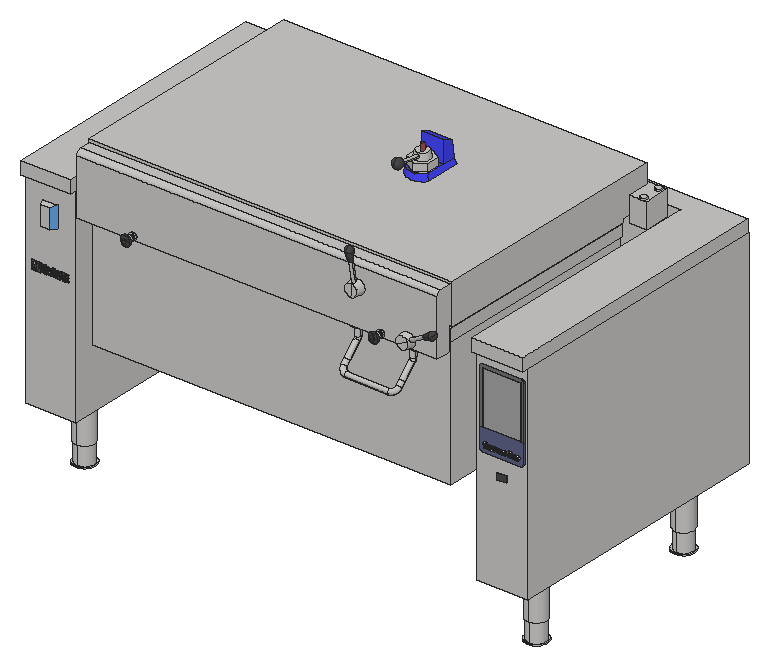
Revit family "QF_ELECTROLUXPROFESSIONAL_587144_PUET10ECIO", category Attrezzature speciali, Revit 2020
Family settings
  Quota connettore circolare = Usa diametro
  Tipo di parte = Normale
  Basato su piano di lavoro = No
  Sempre verticale = Sì
  Taglio con vuoti quando caricato = No
  Condiviso = No
  Punto di calcolo locali = No
Parameters (values of type "Standard")
  Weight = 320.00 kg
  Watts = 20600 W
  Volts = 440 V
  URL Manufacturer = "https://www.electroluxprofessional.com/"
  URL = "https://www.electroluxprofessional.com/"
  Steam Supply Size = 0 mm
  Steam Supply Minimum Pressure = 0.0 Pa
  Steam Supply Maximum Pressure = 0.0 Pa
  Steam Consumption per Hour = 0
  Refrigeration Suction Line Size = 0.0 mm
  Refrigeration Liquid Line Size = 0.0 mm
  Refrigerant Compressor Remote = yes
  Prospetto di default = 0.0 mm
  Produttore = "Electrolux Professional"
  Phase = 3
  Modello = "PUET10ECIO"
  Length Actual = 1600.0 mm  # constant formula
  Item Number = "587144"
  Hot Water Size = 12.7 mm
  Height Actual = 700.0 mm  # constant formula
  HP = "27.6 HP"
  Gas Size = 0 mm
  Gas KW = 0
  Gas Input Pressure = 0 W
  Direct Waste Size = 0 mm
  Descrizione = "ELECTRIC TILTING PRESSURE BRAISING PAN, 100L,440V,FS,MARINE"
  Depth Actual = 900.0 mm  # constant formula
  Cycle = 50 Hz
  Condensate Return Size = 0 mm
  Compressed Air Volume = 0.0 L/s
  Compressed Air Size = 0 mm
  Compressed Air Pressure = 0.0 Pa
  Cold Water Size = 12.7 mm
  Accessory = yes
Reference planes
  plane 1 "Center (Front/Back)": y = 0
  plane 2: z = 0
  plane 3 "Center (Left/Right)": x = 0
  plane 4 "LEFT": x = -800
  plane 5 "RIGHT": x = 800
  plane 6 "BACK": y = 450
  plane 7 "FRONT": y = -450
  plane 8 "Base": z = 200
  plane 9 "TOP": z = 900
  plane 10: x = -640
  plane 11: x = 640
  plane 12 "Axe_PentolaY": y = -230
  plane 13 "AxePentolaZ": z = 730
  plane 14 "PLANE_TOP": z = 860
  plane 15: y = 380
  plane 16: z = 863
  plane 17: z = 455
  plane 18: z = 299
  plane 19: y = -470
  plane 20 "CentroPentolaY": y = -158
  plane 21 "TopCoperchio": z = 1128
  plane 22 "Versamento": z = 910
  plane 23 "Gfront": y = -1300
  plane 24 "GRight": x = 250
  plane 25 "GLeft": x = -250
  plane 26 "Gback": y = -100
  plane 27: z = 1789
  plane 28 "Ribaltamento": y = -540
  plane 29 "AxeL": x = -720
  plane 30 "AxeR": x = 720
  plane 31 "Pentola_Back": y = 226
  plane 32 "Pentola_L": x = -370.5
  plane 33 "Pentola_R": x = 370.5
  plane 34: x = -310.5
  plane 35 "axeC1": x = -580
  plane 36 "axeC2": x = 580
  plane 37: z = 395
  plane 38 "CylTop": x = 175
  plane 39 "Maniglione": z = 840
  plane 40 "B1": x = -395
  plane 41 "B2": x = 395
  plane 42 "2Buttons": z = 851.594
Forms (mm)
  Revolve 1, solid, material "QF_Finishes_Stainless Steel"
    sketch origin (0, 0, 730) x (-1, 0, 0) y (0, -1, 0)
      loop
        line (640, 230) -> (-640, 230) -> (-640, 140) -> (-630, 140) -> (-630, 173) -> (630, 173) -> (630, 140) -> (640, 140) -> (640, 230)
      axis (640, 230) -> (-640, 230)
    angle from 0 to 360
  Extrusion 2, solid, material "QF_Finishes_Stainless Steel"
    sketch origin (0, 0, 860) x (-1, 0, 0) y (0, -1, 0)
      loop
        line (800, 450) -> (640, 450) -> (640, -380) -> (-640, -380) -> (-640, 450) -> (-800, 450) -> (-800, -450) -> (800, -450) -> (800, 450)
    from 0 to 40
  Extrusion 3, solid, material "QF_Finishes_Stainless Steel"
    sketch origin (0, 0, 860) x (-1, 0, 0) y (0, -1, 0)
      loop
        line (640, -380) -> (-640, -380) -> (-640, -450) -> (640, -450) -> (640, -380)
    from 0 to -360
  Extrusion 4, solid, material "QF_Finishes_Stainless Steel"
    sketch origin (0, 0, 0) x (0, 1, 0) y (0, 0, 1)
      loop
        line (226, 863) -> (-450, 863) -> (-450, 455) -> (138, 455) -> (226, 643.717) -> (226, 863)
    from -570.5 to 570.5
  Extrusion 5, solid, material "QF_Finishes_Stainless Steel"
    sketch origin (0, 0, 0) x (0, 1, 0) y (0, 0, 1)
      loop
        line (232, 863) -> (232, 900) -> (-450, 900) -> (-450, 863) -> (232, 863)
    from -571 to 571
  Extrusion 6, solid, material "QF_Finishes_Stainless Steel"
    sketch origin (0, 0, 0) x (0, 1, 0) y (0, 0, 1)
      loop
        line (322, 1040) -> (-454, 1040) -> (-454, 910) -> (226, 910) -> (226, 920) -> (322, 920) -> (322, 1040)
    from -579 to 579
  Extrusion 7, solid, material "QF_Finishes_Stainless Steel"
    sketch origin (0, 0, 0) x (0, 1, 0) y (0, 0, 1)
      loop
        line (-454, 1033) -> (-491.635, 1033)
        arc (-491.635, 1033) -> (-502.242, 1028.607) -> (-506.635, 1018) r 15
        line (-506.635, 1018) -> (-506.635, 840) -> (-469, 840)
        arc (-469, 840) -> (-461.929, 842.929) -> (-459, 850) r 10
        line (-459, 850) -> (-459, 915) -> (-454, 915) -> (-454, 1033)
    from -574 to 574
  Extrusion 8, solid, material "QF_Finishes_Stainless Steel"
    sketch origin (0, 0, 0) x (0, 1, 0) y (0, 0, 1)
      loop
        line (380, 900) -> (205, 900) -> (205, 500) -> (380, 500) -> (380, 900)
    from -440 to -380
  Extrusion 9, solid, material "QF_Finishes_Stainless Steel"
    sketch origin (0, -450, 0) x (-1, 0, 0) y (0, 0, 1)
      loop
        line (637.337, 980) -> (579, 980) -> (579, 925) -> (582.237, 925) -> (582.237, 900) -> (637.337, 900) -> (637.337, 980)
    from 700 to 780
  Extrusion 10, solid, material "QF_Finishes_Stainless Steel"
    sketch origin (0, 0, 0) x (0, 1, 0) y (0, 0, -1)
      loop
        line (380, -900) -> (380, -500) -> (205, -500) -> (205, -900) -> (380, -900)
    from -440 to -380
  Extrusion 11, solid, material "QF_Finishes_Stainless Steel"
    sketch origin (0, -450, 0) x (1, 0, 0) y (0, 0, -1)
      loop
        line (635, -980) -> (635, -900) -> (582.237, -900) -> (582.237, -925) -> (579, -925) -> (579, -980) -> (635, -980)
    from 700 to 780
  Extrusion 12, solid, material "QF_Door-Drawer Clearances", detail levels coarse
    sketch origin (0, 53.912, -5.039) x (0, 1, 0) y (0, 0, 1)
      loop
        line (285.597, 942.365) -> (326.088, 958.724) -> (61.023, 1686.986) -> (56.324, 1685.276) -> (39.223, 1732.26) -> (-10.336, 1714.222) -> (-16.625, 1723.204) -> (44.811, 1766.222) -> (47.679, 1762.126) -> (68.307, 1773.56) -> (53.967, 1794.039) -> (36.168, 1778.566) -> (39.036, 1774.47) -> (-22.401, 1731.452) -> (-26.038, 1736.646) -> (-53.912, 1726.501) -> (-53.912, 1698.362) -> (-144.017, 1665.566)
        arc (-144.017, 1665.566) -> (-428.228, 1400.497) -> (-556.518, 1033.645) r 811.154
        arc (-556.518, 1033.645) -> (-551.652, 1036.897) -> (-545.912, 1038.039) r 15
        line (-545.912, 1038.039) -> (-507.912, 1038.039) -> (-507.912, 1045.039) -> (268.088, 1045.039) -> (268.088, 987.365) -> (285.597, 987.365) -> (285.597, 942.365)
      loop
        line (-503.912, 515.039) -> (-503.912, 845.039) -> (-576.071, 845.039)
        arc (-576.071, 845.039) -> (-586.466, 669.876) -> (-503.912, 515.039) r 323.607
    from 105 to -105
  Extrusion 13, solid, material "QF_Finishes_Stainless Steel"
    sketch origin (0, 0, 900) x (0, 1, 0) y (-1, 0, 0)
      loop
        circle (320, 618.441) r 10
      loop
        circle (260, 618.441) r 10
      loop
        circle (320, -618.441) r 10
      loop
        circle (260, -618.441) r 10
    from 82.326 to 80
  Revolve 14, solid, material "QF_Plastic-Black-Matte"
    sketch origin (0, 0, 851.594) x (-1, 0, 0) y (0, -1, 0)
      loop
        line (403.234, 529.683) -> (410.348, 533.79)
        arc (410.348, 533.79) -> (411.528, 535.834) -> (410.348, 537.878) r 2.36
        line (410.348, 537.878) -> (403.234, 540) -> (395, 540) -> (395, 529.683) -> (403.234, 529.683)
      axis (395, 529.683) -> (395, 540)
    angle from 0 to 360
  Revolve 15, solid, material "QF_Finishes_Stainless Steel"
    sketch origin (0, 0, 851.594) x (-1, 0, 0) y (0, -1, 0)
      loop
        line (395, 506.635) -> (405.299, 506.635) -> (405.299, 511.677) -> (400.299, 511.677) -> (400.299, 519.683) -> (403.234, 519.683) -> (403.234, 529.683) -> (395, 529.683) -> (395, 506.635)
      axis (395, 506.635) -> (395, 529.683)
    angle from 0 to 360
  Revolve 16, solid, material "QF_Plastic-Black-Matte"
    sketch origin (790, 0, 851.594) x (-1, 0, 0) y (0, -1, 0)
      loop
        line (403.234, 529.683) -> (410.348, 533.79)
        arc (410.348, 533.79) -> (411.528, 535.834) -> (410.348, 537.878) r 2.36
        line (410.348, 537.878) -> (403.234, 540) -> (395, 540) -> (395, 529.683) -> (403.234, 529.683)
      axis (395, 529.683) -> (395, 540)
    angle from 0 to 360
  Revolve 17, solid, material "QF_Finishes_Stainless Steel"
    sketch origin (790, 0, 851.594) x (-1, 0, 0) y (0, -1, 0)
      loop
        line (395, 506.635) -> (405.299, 506.635) -> (405.299, 511.677) -> (400.299, 511.677) -> (400.299, 519.683) -> (403.234, 519.683) -> (403.234, 529.683) -> (395, 529.683) -> (395, 506.635)
      axis (395, 506.635) -> (395, 529.683)
    angle from 0 to 360
Lines and regions (mm)
  symbolic lines
    curve 1: line (800, 450, 900) -> (-800, 450, 900)
    curve 2: line (800, -450, 900) -> (800, 450, 900)
    curve 3: line (-800, 450, 900) -> (-800, -450, 900)
    curve 4: line (-800, -450, 900) -> (-640, -450, 900)
    curve 5: line (-640, -450, 900) -> (-640, 380, 900)
    curve 6: line (640, -450, 900) -> (800, -450, 900)
    curve 7: line (630, -140, 900) -> (630, -320, 900)
    curve 8: line (-630, -140, 900) -> (-630, -320, 900)
    curve 9: line (-630, -140, 900) -> (-640, -140, 900)
    curve 10: line (-630, -320, 900) -> (-640, -320, 900)
    curve 11: line (630, -140, 900) -> (640, -140, 900)
    curve 12: line (630, -320, 900) -> (640, -320, 900)
    curve 17: line (-630, -172.761, 900) -> (-579, -172.761, 900)
    curve 18: line (-630, -286.868, 900) -> (-576.5, -286.868, 900)
    curve 19: line (630, -172.761, 900) -> (576.5, -172.761, 900)
    curve 20: line (630, -286.868, 900) -> (576.5, -286.868, 900)
    curve 30: line (800, 380, 900) -> (-800, 380, 900)
    curve 31: line (640, 380, 900) -> (640, -450, 900)
    curve 32: line (-579, -454, 900) -> (579, -454, 900)
    curve 33: line (-579, 322, 900) -> (-579, -454, 900)
    curve 34: line (579, 322, 900) -> (-579, 322, 900)
    curve 35: line (579, -454, 900) -> (579, 322, 900)
    curve 36: line (-579, 322, 900) -> (-579, 330, 900)
    curve 37: line (-579, 330, 900) -> (-637.337, 330, 900)
    curve 38: line (-637.337, 330, 900) -> (-637.337, 250, 900)
    curve 39: line (-637.337, 250, 900) -> (-579, 250, 900)
    curve 40: line (-640, 205, 900) -> (-579, 205, 900)
    curve 41: circle (-618.441, 320, 900) r 10 normal (0, 0, 1)
    curve 42: circle (-618.441, 260, 900) r 10 normal (0, 0, 1)
    curve 43: line (579, 322, 900) -> (579, 330, 900)
    curve 44: line (579, 330, 900) -> (635, 330, 900)
    curve 45: line (635, 330, 900) -> (635, 250, 900)
    curve 46: line (635, 250, 900) -> (579, 250, 900)
    curve 47: line (640, 205, 900) -> (579, 205, 900)
    curve 48: circle (618.441, 320, 900) r 10 normal (0, 0, 1)
    curve 49: circle (618.441, 260, 900) r 10 normal (0, 0, 1)
    curve 50: line (-405.299, -506.635, 900) -> (-405.299, -511.677, 900)
    curve 51: line (-405.299, -511.677, 900) -> (-384.701, -511.677, 900)
    curve 52: line (-384.701, -511.677, 900) -> (-384.701, -506.635, 900)
    curve 53: line (-400.299, -519.683, 900) -> (-400.299, -511.677, 900)
    curve 54: line (-389.701, -519.683, 900) -> (-389.701, -511.677, 900)
    curve 55: line (-403.234, -519.683, 900) -> (-386.766, -519.683, 900)
    curve 56: line (-386.766, -519.683, 900) -> (-386.766, -529.683, 900)
    curve 57: line (-386.766, -529.683, 900) -> (-403.234, -529.683, 900)
    curve 58: line (-403.234, -529.683, 900) -> (-403.234, -519.683, 900)
    curve 59: line (-386.766, -529.683, 900) -> (-379.646, -533.794, 900)
    curve 60: line (-403.234, -540, 900) -> (-386.766, -540, 900)
    curve 61: line (-386.766, -540, 900) -> (-379.652, -537.878, 900)
    curve 62: line (-403.234, -540, 900) -> (-410.348, -537.878, 900)
    curve 63: arc (-379.652, -537.878, 900) -> (-378.468, -535.838, 900) -> (-379.646, -533.794, 900) r 2.356
    curve 64: line (-403.234, -529.683, 900) -> (-410.354, -533.794, 900)
    curve 65: arc (-410.348, -537.878, 900) -> (-411.532, -535.838, 900) -> (-410.354, -533.794, 900) r 2.356
    curve 66: line (384.701, -506.635, 900) -> (384.701, -511.677, 900)
    curve 67: line (384.701, -511.677, 900) -> (405.299, -511.677, 900)
    curve 68: line (405.299, -511.677, 900) -> (405.299, -506.635, 900)
    curve 69: line (389.701, -519.683, 900) -> (389.701, -511.677, 900)
    curve 70: line (400.299, -519.683, 900) -> (400.299, -511.677, 900)
    curve 71: line (386.766, -519.683, 900) -> (403.234, -519.683, 900)
    curve 72: line (403.234, -519.683, 900) -> (403.234, -529.683, 900)
    curve 73: line (403.234, -529.683, 900) -> (386.766, -529.683, 900)
    curve 74: line (386.766, -529.683, 900) -> (386.766, -519.683, 900)
    curve 75: line (403.234, -529.683, 900) -> (410.354, -533.794, 900)
    curve 76: line (386.766, -540, 900) -> (403.234, -540, 900)
    curve 77: line (403.234, -540, 900) -> (410.348, -537.878, 900)
    curve 78: line (386.766, -540, 900) -> (379.652, -537.878, 900)
    curve 79: arc (410.348, -537.878, 900) -> (411.532, -535.838, 900) -> (410.354, -533.794, 900) r 2.356
    curve 80: line (386.766, -529.683, 900) -> (379.646, -533.794, 900)
    curve 81: arc (379.652, -537.878, 900) -> (378.468, -535.838, 900) -> (379.646, -533.794, 900) r 2.356
    curve 83: line (-579, -454, 900) -> (-579, -506.635, 900)
    curve 84: line (-579, -506.635, 900) -> (574, -506.635, 900)
    curve 85: line (574, -506.635, 900) -> (574, -454, 900)
  symbolic lines, style "SpecialityEquipmentHiddenLines"
    curve 13: line (-250, -1300, 900) -> (250, -1300, 900)
    curve 14: line (-250, -100, 900) -> (-250, -1300, 900)
    curve 15: line (250, -1300, 900) -> (250, -100, 900)
    curve 28: line (0, -1165.484, 900) -> (0, -1135.484, 900)
    curve 29: line (-15, -1150.484, 900) -> (15, -1150.484, 900)
    curve 82: line (-250, -100, 900) -> (250, -100, 900)
  symbolic lines, style "SpecialityEquipment"
    curve 16: circle (0, -1150.484, 900) r 15 normal (0, 0, 1)
    curve 21: line (-210, -1300, 900) -> (-210, -1100, 900)
    curve 22: line (-130, -1300, 900) -> (-130, -1180, 900)
    curve 23: line (-90, -1300, 900) -> (-90, -1220, 900)
    curve 24: line (-90, -1260, 900) -> (-250, -1260, 900)
    curve 25: line (-90, -1220, 900) -> (-250, -1220, 900)
    curve 26: line (-250, -1180, 900) -> (-130, -1180, 900)
    curve 27: line (-170, -1140, 900) -> (-250, -1140, 900)
    curve 86: line (-170, -1300, 900) -> (-170, -1140, 900)
    curve 87: line (-210, -1100, 900) -> (-250, -1100, 900)
    curve 88: line (210, -1300, 900) -> (210, -1100, 900)
    curve 89: line (130, -1300, 900) -> (130, -1180, 900)
    curve 90: line (90, -1300, 900) -> (90, -1220, 900)
    curve 91: line (90, -1260, 900) -> (250, -1260, 900)
    curve 92: line (90, -1220, 900) -> (250, -1220, 900)
    curve 93: line (250, -1180, 900) -> (130, -1180, 900)
    curve 94: line (170, -1140, 900) -> (250, -1140, 900)
    curve 95: line (170, -1300, 900) -> (170, -1140, 900)
    curve 96: line (210, -1100, 900) -> (250, -1100, 900)
Dimensions and locks
  plane 4 "LEFT" to plane 5 "RIGHT" = 1600.0 mm
  equal spacing: plane 4 "LEFT", plane 3 "Center (Left/Right)", plane 5 "RIGHT"
  equal spacing: plane 6 "BACK", plane 1 "Center (Front/Back)", plane 7 "FRONT"
  plane 6 "BACK" to plane 7 "FRONT" = 900.0 mm
  plane 8 "Base" to level = 200.0 mm
  plane 9 "TOP" to level = 900.0 mm
  plane 9 "TOP" to plane 8 "Base" = 700.0 mm
  locked: plane 4 "LEFT" to plane 10 at 160
  locked: plane 11 to plane 5 "RIGHT" at 160
  locked: plane 6 "BACK" to plane 12 "Axe_PentolaY" at 680
  locked: plane 13 "AxePentolaZ" to plane 8 "Base" at 530
  locked: Revolve 1 sketch curve to Revolve 1 sketch curve at 57
  locked: Revolve 1 sketch curve to Revolve 1 sketch curve at 90
  locked: plane 10 to Revolve 1 sketch curve at 10
  locked: Revolve 1 sketch curve to plane 11 at 10
  locked: plane 9 "TOP" to plane 14 "PLANE_TOP" at 40
  plane 6 "BACK" to plane 15 = 70.0 mm
  locked: plane 16 to plane 13 "AxePentolaZ" at 133
  plane 6 "BACK" to plane 19 = 920.0 mm
  locked: plane 6 "BACK" to plane 20 "CentroPentolaY" at 608
  locked: plane 21 "TopCoperchio" to plane 9 "TOP" at 228
  locked: plane 22 "Versamento" to level at 910
  plane 6 "BACK" to plane 23 "Gfront" = 1750.0 mm
  locked: plane 25 "GLeft" to plane 3 "Center (Left/Right)" at 250
  locked: plane 3 "Center (Left/Right)" to plane 24 "GRight" at 250
  plane 6 "BACK" to plane 26 "Gback" = 550.0 mm
  plane 27 to plane 9 "TOP" = 889.0 mm
  plane 6 "BACK" to plane 28 "Ribaltamento" = 990.0 mm
  equal spacing: plane 10, plane 29 "AxeL", plane 4 "LEFT"
  equal spacing: plane 5 "RIGHT", plane 30 "AxeR", plane 11
  locked: plane 33 "Pentola_R" to plane 32 "Pentola_L" at 741
  equal spacing: plane 33 "Pentola_R", plane 3 "Center (Left/Right)", plane 32 "Pentola_L"
  locked: Extrusion 5 sketch curve to plane 31 "Pentola_Back" at 6
  plane 31 "Pentola_Back" to plane 12 "Axe_PentolaY" = 456.0 mm
  locked: plane 34 to plane 32 "Pentola_L" at 60
  plane 4 "LEFT" to plane 35 "axeC1" = 220.0 mm
  plane 36 "axeC2" to plane 5 "RIGHT" = 220.0 mm
  plane 32 "Pentola_L" to Extrusion 6 = 208.5 mm
  Extrusion 6 to plane 33 "Pentola_R" = 208.5 mm
  locked: plane 13 "AxePentolaZ" to plane 17 at 275
  plane 18 to level = 299.0 mm
  plane 17 to level = 455.0 mm
  plane 37 to level = 395.0 mm
  plane 3 "Center (Left/Right)" to plane 40 "B1" = 395.0 mm
  plane 41 "B2" to plane 3 "Center (Left/Right)" = 395.0 mm
  aligned and locked: level to plane 2
  aligned and locked: plane 5 "RIGHT" to nested 2
  aligned and locked: plane 4 "LEFT" to nested 1
  aligned and locked: plane 8 "Base" to nested 1
  aligned and locked: plane 6 "BACK" to nested 2
  aligned and locked: plane 10 to Revolve 1 sketch curve
  aligned and locked: plane 11 to Revolve 1 sketch curve
  aligned and locked: plane 4 "LEFT" to Extrusion 2 sketch curve
  aligned and locked: Extrusion 2 sketch curve to plane 10
  aligned and locked: plane 7 "FRONT" to Extrusion 2 sketch curve  (x2)
  aligned and locked: Extrusion 2 sketch curve to plane 5 "RIGHT"
  aligned and locked: plane 11 to Extrusion 2 sketch curve
  aligned and locked: Extrusion 2 sketch curve to plane 6 "BACK"
  aligned and locked: plane 15 to Extrusion 2 sketch curve
  aligned and locked: Extrusion 3 sketch curve to plane 10
  aligned and locked: plane 6 "BACK" to Extrusion 3 sketch curve
  aligned and locked: plane 11 to Extrusion 3 sketch curve
  aligned and locked: Extrusion 3 sketch curve to plane 15
  aligned and locked: curve 13 to plane 23 "Gfront"
  aligned and locked: curve 14 to plane 25 "GLeft"
  aligned and locked: plane 24 "GRight" to curve 15
  aligned and locked: plane 30 "AxeR" to nested 3
  aligned and locked: plane 17 to Extrusion 4 sketch curve
  aligned and locked: Extrusion 5 sketch curve to plane 16
  aligned and locked: plane 9 "TOP" to Extrusion 5 sketch curve
  aligned and locked: plane 29 "AxeL" to nested 5
Automatic sketch dimensions
  plane 12 "Axe_PentolaY" to Revolve 1 sketch curve = 0.0 mm
  Revolve 1 sketch curve to plane 12 "Axe_PentolaY" = 0.0 mm
  plane 20 "CentroPentolaY" to Revolve 1 sketch curve = 18.0 mm
  plane 5 "RIGHT" to Revolve 1 sketch curve = 432.098 mm
  Revolve 1 sketch curve to plane 4 "LEFT" = 580.148 mm
  Extrusion 4 sketch curve to plane 7 "FRONT" = 0.0 mm
  Extrusion 4 sketch curve to plane 31 "Pentola_Back" = 0.0 mm
  Extrusion 4 sketch curve to plane 16 = 0.0 mm
  Extrusion 4 sketch curve to plane 31 "Pentola_Back" = 88.0 mm
  Extrusion 4 sketch curve to plane 13 "AxePentolaZ" = 86.283 mm
  Extrusion 5 sketch curve to plane 7 "FRONT" = 0.0 mm
  Extrusion 6 sketch curve to plane 22 "Versamento" = 0.0 mm
  Extrusion 6 sketch curve to plane 31 "Pentola_Back" = 0.0 mm
  Extrusion 6 sketch curve to plane 7 "FRONT" = 4.0 mm
  Extrusion 6 sketch curve to plane 15 = 58.0 mm
  plane 22 "Versamento" to Extrusion 6 sketch curve = 10.0 mm
  Extrusion 6 sketch curve to plane 21 "TopCoperchio" = 88.0 mm
  Extrusion 7 sketch curve to plane 39 "Maniglione" = 0.0 mm
  plane 28 "Ribaltamento" to Extrusion 7 sketch curve = 33.365 mm
  Extrusion 7 sketch curve to Extrusion 7 sketch curve = 15.0 mm
  plane 19 to Extrusion 7 sketch curve = 1.0 mm
  Extrusion 7 sketch curve to plane 7 "FRONT" = 9.0 mm
  Extrusion 7 sketch curve to plane 7 "FRONT" = 4.0 mm
  plane 22 "Versamento" to Extrusion 7 sketch curve = 5.0 mm
  plane 22 "Versamento" to Extrusion 7 sketch curve = 108.0 mm
  Extrusion 8 sketch curve to plane 9 "TOP" = 0.0 mm
  Extrusion 8 sketch curve to plane 15 = 0.0 mm
  Extrusion 8 sketch curve to plane 31 "Pentola_Back" = 21.0 mm
  plane 17 to Extrusion 8 sketch curve = 45.0 mm
  Extrusion 9 sketch curve to plane 9 "TOP" = 0.0 mm
  plane 35 "axeC1" to Extrusion 9 sketch curve = 1.0 mm
  Extrusion 9 sketch curve to plane 35 "axeC1" = 2.237 mm
  plane 10 to Extrusion 9 sketch curve = 2.663 mm
  plane 22 "Versamento" to Extrusion 9 sketch curve = 15.0 mm
  plane 22 "Versamento" to Extrusion 9 sketch curve = 70.0 mm
  Extrusion 10 sketch curve to plane 9 "TOP" = 0.0 mm
  Extrusion 10 sketch curve to plane 15 = 0.0 mm
  Extrusion 10 sketch curve to plane 31 "Pentola_Back" = 21.0 mm
  plane 17 to Extrusion 10 sketch curve = 45.0 mm
  Extrusion 11 sketch curve to plane 9 "TOP" = 0.0 mm
  plane 36 "axeC2" to Extrusion 11 sketch curve = 1.0 mm
  Extrusion 11 sketch curve to plane 36 "axeC2" = 2.237 mm
  plane 11 to Extrusion 11 sketch curve = 5.0 mm
  Extrusion 11 sketch curve to plane 22 "Versamento" = 15.0 mm
  Extrusion 11 sketch curve to plane 22 "Versamento" = 70.0 mm
  Extrusion 12 sketch curve to plane 39 "Maniglione" = 0.0 mm
  Extrusion 12 sketch curve to plane 7 "FRONT" = 0.0 mm
  Extrusion 12 sketch curve to plane 1 "Center (Front/Back)" = 0.0 mm
  Extrusion 12 sketch curve to plane 27 = 0.0 mm
  Extrusion 12 sketch curve to plane 15 = 0.0 mm
  Extrusion 12 sketch curve to plane 7 "FRONT" = 4.0 mm
  Extrusion 12 sketch curve to plane 19 = 22.0 mm
  plane 28 "Ribaltamento" to Extrusion 12 sketch curve = 17.841 mm
  plane 13 "AxePentolaZ" to Extrusion 12 sketch curve = 3.966 mm
  plane 12 "Axe_PentolaY" to Extrusion 12 sketch curve = 13.583 mm
  plane 26 "Gback" to Extrusion 12 sketch curve = 9.895 mm
  Extrusion 12 sketch curve to plane 1 "Center (Front/Back)" = 27.874 mm
  Extrusion 12 sketch curve to Extrusion 12 sketch curve = 3.637 mm
  Extrusion 12 sketch curve to Extrusion 12 sketch curve = 5.776 mm  (x2)
  Extrusion 12 sketch curve to Extrusion 12 sketch curve = 6.289 mm
  Extrusion 12 sketch curve to plane 27 = 15.473 mm
  Extrusion 12 sketch curve to Extrusion 12 sketch curve = 62.206 mm
  Extrusion 12 sketch curve to plane 27 = 19.568 mm
  Extrusion 12 sketch curve to Extrusion 12 sketch curve = 2.868 mm  (x2)
  Extrusion 12 sketch curve to Extrusion 12 sketch curve = 0.188 mm
  Extrusion 12 sketch curve to plane 27 = 27.817 mm
  Extrusion 12 sketch curve to plane 27 = 31.913 mm
  Extrusion 12 sketch curve to Extrusion 12 sketch curve = 17.799 mm
  Extrusion 12 sketch curve to plane 27 = 108.763 mm
  Extrusion 12 sketch curve to Extrusion 12 sketch curve = 17.101 mm
  Extrusion 12 sketch curve to Extrusion 12 sketch curve = 4.698 mm
  Extrusion 12 sketch curve to plane 27 = 20.479 mm
  Extrusion 12 sketch curve to Extrusion 12 sketch curve = 20.627 mm
  Extrusion 12 sketch curve to plane 15 = 75.072 mm
  Extrusion 12 sketch curve to plane 15 = 58.0 mm
  Extrusion 12 sketch curve to Extrusion 12 sketch curve = 17.509 mm
  plane 22 "Versamento" to Extrusion 12 sketch curve = 27.326 mm
  Extrusion 12 sketch curve to Extrusion 12 sketch curve = 14.739 mm
  Extrusion 12 sketch curve to Extrusion 12 sketch curve = 30.261 mm
  plane 22 "Versamento" to Extrusion 12 sketch curve = 108.0 mm
  Extrusion 12 sketch curve to Extrusion 12 sketch curve = 15.0 mm
  Extrusion 12 sketch curve to Extrusion 12 sketch curve = 7.0 mm
  Extrusion 12 sketch curve to plane 27 = 128.472 mm
  Extrusion 12 sketch curve to Extrusion 12 sketch curve = 24.842 mm
  Extrusion 12 sketch curve to Extrusion 12 sketch curve = 28.139 mm
  plane 31 "Pentola_Back" to Extrusion 13 sketch curve = 34.0 mm  (x2)
  Extrusion 13 sketch curve to plane 11 = 21.559 mm  (x2)
  Extrusion 13 sketch curve to plane 15 = 60.0 mm  (x2)
  plane 10 to Extrusion 13 sketch curve = 21.559 mm  (x2)
  Revolve 14 sketch curve to plane 40 "B1" = 0.0 mm  (x2)
  Revolve 14 sketch curve to plane 28 "Ribaltamento" = 0.0 mm
  plane 40 "B1" to Revolve 14 sketch curve = 8.234 mm  (x2)
  Revolve 14 sketch curve to Revolve 14 sketch curve = 5.934 mm
  plane 28 "Ribaltamento" to Revolve 14 sketch curve = 2.122 mm
  Revolve 14 sketch curve to Revolve 14 sketch curve = 1.18 mm  (x2)
  plane 28 "Ribaltamento" to Revolve 14 sketch curve = 6.21 mm
  plane 28 "Ribaltamento" to Revolve 14 sketch curve = 10.317 mm
  plane 19 to Revolve 14 sketch curve = 8.375 mm
  Revolve 14 sketch curve to Revolve 14 sketch curve = 31.625 mm
  Revolve 15 sketch curve to plane 40 "B1" = 0.0 mm  (x2)
  plane 40 "B1" to Revolve 15 sketch curve = 5.299 mm
  Revolve 15 sketch curve to Revolve 15 sketch curve = 2.935 mm
  Revolve 15 sketch curve to Revolve 15 sketch curve = 5.0 mm
  plane 28 "Ribaltamento" to Revolve 15 sketch curve = 33.365 mm
  Revolve 15 sketch curve to Revolve 15 sketch curve = 5.042 mm
  Revolve 15 sketch curve to Revolve 15 sketch curve = 8.006 mm
  Revolve 15 sketch curve to Revolve 15 sketch curve = 10.0 mm
  Revolve 15 sketch curve to Revolve 15 sketch curve = 12.948 mm
  Revolve 15 sketch curve to plane 28 "Ribaltamento" = 16.844 mm
  Revolve 16 sketch curve to plane 41 "B2" = 0.0 mm  (x2)
  Revolve 16 sketch curve to plane 28 "Ribaltamento" = 0.0 mm
  Revolve 16 sketch curve to plane 41 "B2" = 8.234 mm  (x2)
  Revolve 16 sketch curve to Revolve 16 sketch curve = 5.934 mm
  plane 28 "Ribaltamento" to Revolve 16 sketch curve = 2.122 mm
  Revolve 16 sketch curve to Revolve 16 sketch curve = 1.18 mm  (x2)
  plane 28 "Ribaltamento" to Revolve 16 sketch curve = 6.21 mm
  plane 28 "Ribaltamento" to Revolve 16 sketch curve = 10.317 mm
  plane 19 to Revolve 16 sketch curve = 8.375 mm
  Revolve 16 sketch curve to Revolve 16 sketch curve = 31.625 mm
  Revolve 17 sketch curve to plane 41 "B2" = 0.0 mm  (x2)
  Revolve 17 sketch curve to plane 41 "B2" = 5.299 mm
  Revolve 17 sketch curve to Revolve 17 sketch curve = 2.935 mm
  Revolve 17 sketch curve to Revolve 17 sketch curve = 5.0 mm
  plane 28 "Ribaltamento" to Revolve 17 sketch curve = 33.365 mm
  Revolve 17 sketch curve to Revolve 17 sketch curve = 5.042 mm
  Revolve 17 sketch curve to Revolve 17 sketch curve = 8.006 mm
  Revolve 17 sketch curve to Revolve 17 sketch curve = 10.0 mm
  Revolve 17 sketch curve to Revolve 17 sketch curve = 12.948 mm
  Revolve 17 sketch curve to plane 28 "Ribaltamento" = 16.844 mm
  curve 28 to plane 3 "Center (Left/Right)" = 0.0 mm
  curve 16 to plane 3 "Center (Left/Right)" = 0.0 mm
  curve 77 to plane 28 "Ribaltamento" = 0.0 mm
  curve 62 to plane 28 "Ribaltamento" = 0.0 mm
  curve 5 to plane 7 "FRONT" = 0.0 mm
  curve 6 to plane 7 "FRONT" = 0.0 mm
  curve 10 to plane 10 = 0.0 mm
  curve 12 to plane 11 = 0.0 mm
  curve 14 to plane 26 "Gback" = 0.0 mm
  curve 30 to plane 5 "RIGHT" = 0.0 mm
  curve 31 to plane 15 = 0.0 mm
  curve 2 to plane 6 "BACK" = 0.0 mm
  curve 3 to plane 4 "LEFT" = 0.0 mm
  curve 90 to curve 92 = 80.0 mm
  curve 23 to curve 25 = 80.0 mm
  curve 90 to curve 93 = 40.0 mm
  curve 23 to curve 22 = 40.0 mm  (x2)
  curve 23 to curve 16 = 69.516 mm
  curve 95 to plane 38 "CylTop" = 5.0 mm
  curve 89 to curve 95 = 40.0 mm
  curve 22 to curve 86 = 40.0 mm  (x2)
  curve 27 to curve 21 = 40.0 mm
  curve 94 to curve 96 = 40.0 mm
  plane 28 "Ribaltamento" to curve 78 = 2.122 mm
  plane 28 "Ribaltamento" to curve 62 = 2.122 mm
  plane 28 "Ribaltamento" to curve 77 = 2.122 mm
  plane 28 "Ribaltamento" to curve 61 = 2.122 mm
  curve 77 to curve 79 = 2.044 mm
  curve 62 to curve 65 = 2.044 mm
  curve 78 to curve 81 = 2.044 mm
  curve 61 to curve 63 = 2.044 mm
  curve 63 to curve 59 = 2.04 mm
  curve 65 to curve 64 = 2.04 mm
  curve 79 to curve 75 = 2.04 mm
  curve 81 to curve 80 = 2.04 mm
  curve 80 to curve 80 = 4.111 mm
  curve 59 to curve 57 = 4.111 mm
  curve 72 to curve 72 = 10.0 mm
  curve 56 to curve 55 = 10.0 mm
  curve 55 to curve 52 = 8.006 mm
  curve 71 to curve 66 = 8.006 mm
  plane 35 "axeC1" to curve 83 = 1.0 mm
  plane 28 "Ribaltamento" to curve 83 = 33.365 mm
  curve 33 to plane 7 "FRONT" = 4.0 mm
  curve 7 to plane 11 = 10.0 mm
  curve 7 to plane 12 "Axe_PentolaY" = 90.0 mm
  plane 10 to curve 8 = 10.0 mm
  curve 8 to plane 12 "Axe_PentolaY" = 90.0 mm
  plane 20 "CentroPentolaY" to curve 7 = 18.0 mm
  plane 20 "CentroPentolaY" to curve 8 = 18.0 mm
  curve 46 to plane 11 = 5.0 mm
  plane 31 "Pentola_Back" to curve 46 = 24.0 mm
  plane 10 to curve 39 = 2.663 mm
  plane 31 "Pentola_Back" to curve 39 = 24.0 mm
  curve 38 to curve 42 = 10.0 mm
  curve 45 to curve 49 = 10.0 mm
  plane 10 to curve 41 = 21.559 mm
  curve 41 to plane 15 = 60.0 mm
  curve 48 to plane 11 = 21.559 mm
  curve 48 to plane 15 = 60.0 mm
  curve 34 to plane 36 "axeC2" = 1.0 mm
  curve 48 to curve 34 = 2.0 mm
  curve 48 to curve 44 = 10.0 mm
  curve 41 to curve 38 = 10.0 mm
  curve 45 to curve 49 = 16.559 mm
  curve 84 to plane 36 "axeC2" = 6.0 mm
  plane 41 "B2" to curve 75 = 15.354 mm
  curve 75 to curve 77 = 0.007 mm
  plane 41 "B2" to curve 68 = 10.299 mm
  curve 75 to curve 75 = 7.12 mm
  curve 79 to curve 76 = 5.943 mm
  curve 74 to plane 41 "B2" = 8.234 mm
  curve 78 to plane 41 "B2" = 8.234 mm
  curve 71 to curve 67 = 2.065 mm
  curve 76 to curve 81 = 5.943 mm
  curve 81 to curve 78 = 1.171 mm
  plane 38 "CylTop" to curve 88 = 35.0 mm
  curve 93 to plane 38 "CylTop" = 45.0 mm
  curve 89 to curve 90 = 40.0 mm
  curve 25 to plane 3 "Center (Left/Right)" = 90.0 mm
  curve 21 to curve 87 = 40.0 mm
  curve 59 to plane 32 "Pentola_L" = 9.146 mm
  curve 63 to curve 61 = 0.007 mm
  curve 52 to plane 40 "B1" = 10.299 mm
  curve 59 to curve 57 = 7.12 mm
  curve 63 to curve 60 = 5.943 mm
  plane 40 "B1" to curve 62 = 8.234 mm
  plane 40 "B1" to curve 55 = 8.234 mm
  curve 55 to curve 50 = 2.065 mm
  curve 60 to curve 65 = 5.943 mm
  curve 65 to curve 62 = 1.171 mm
  curve 42 to curve 38 = 18.896 mm
  curve 13 to curve 24 = 40.0 mm
  curve 91 to curve 92 = 40.0 mm
  curve 28 to curve 16 = 15.0 mm
  curve 16 to curve 29 = 0.0 mm
  curve 7 to curve 20 = 33.132 mm
  plane 35 "axeC1" to curve 18 = 3.5 mm
  curve 18 to plane 12 "Axe_PentolaY" = 56.868 mm
  curve 17 to plane 20 "CentroPentolaY" = 14.761 mm
  curve 19 to plane 20 "CentroPentolaY" = 14.761 mm
  curve 40 to plane 31 "Pentola_Back" = 21.0 mm
  curve 47 to plane 31 "Pentola_Back" = 21.0 mm
  curve 19 to plane 36 "axeC2" = 3.5 mm
  curve 20 to plane 36 "axeC2" = 3.5 mm
  curve 71 to curve 70 = 2.935 mm
  curve 69 to curve 71 = 2.935 mm
  curve 55 to curve 54 = 2.935 mm
  curve 53 to curve 50 = 5.0 mm
  radius of Extrusion 13 sketch curve = 10.0 mm  (x4)
  radius of curve 41 = 10.0 mm
  radius of curve 42 = 10.0 mm
  radius of curve 48 = 10.0 mm
  radius of curve 49 = 10.0 mm
Nested families
  nested 1: "QF_ELECTROLUXPROFESSIONAL_PUETNB900_LEFT" at (-720, 0, 0), type "QF_ELECTROLUXPROFESSIONAL_PUETNB900_LEFT"
    with Body Finish QF_Finishes_Stainless Steel
  nested 2: "QF_ELECTROLUXPROFESSIONAL_PUETNB900_RIGHT" at (720, 0, 0), type "QF_ELECTROLUXPROFESSIONAL_PUETNB900_RIGHT"
    with Body Finish QF_Finishes_Stainless Steel
  nested 3: "QF_ELECTROLUXPROFESSIONAL_2FEET_THL_120xH200" at (720, 10, 0), type "QF_ELECTROLUXPROFESSIONAL_2FEET_THL_120xH200"
  nested 4: "QF_ELECTROLUXPROFESSIONAL_PUET900_LEVEL1" at (175, -67.07, 1040), type "QF_ELECTROLUXPROFESSIONAL_PUET900_LEVEL1"
  nested 5: "QF_ELECTROLUXPROFESSIONAL_2FEET_THL_120xH200" at (-720, 10, 0), type "QF_ELECTROLUXPROFESSIONAL_2FEET_THL_120xH200"
  nested 6: "QF_ELECTROLUXPROFESSIONAL_PUET900_LEVEL2" at (319.18, -506.635, 958), type "QF_ELECTROLUXPROFESSIONAL_PUET900_LEVEL2"
  nested 7: "QF_ELECTROLUXPROFESSIONAL_PUET900_LEVEL3" at (479.18, -503.416, 863), type "QF_ELECTROLUXPROFESSIONAL_PUET900_LEVEL3"
  nested 8: "QF_ELECTROLUXPROFESSIONAL_PUET900_LEVEL4" at (390, -482, 840), type "QF_ELECTROLUXPROFESSIONAL_PUET900_LEVEL4"
Connectors
  piping at (-750, 453, 395), diameter 12.7, driven by "Hot Water Size"
    settings: on nested 1, index 1, connector inside diameter 609.6 mm, connector length 0.0 mm, flow factor 0, pipe flow 0.0 L/s, pressure drop 0.0 Pa, fitting loss kfactor 0, connector angle 0.00°, fixture units 0, engagement length 0.0 mm, angle of deflection 0.00°, flow configuration 1, flow direction 1, fitting loss method 0, system type 19, joint type 0, gender type 0, connector reference index -1, connector utility 0, adjustable connector no, is connector primary yes, connector description "Hot Water Inlet"
  piping at (-690, 453, 395), diameter 12.7, driven by "Cold Water Size"
    settings: on nested 1, index 2, connector inside diameter 609.6 mm, connector length 0.0 mm, flow factor 0, pipe flow 0.0 L/s, pressure drop 0.0 Pa, fitting loss kfactor 0, connector angle 0.00°, fixture units 0, engagement length 0.0 mm, angle of deflection 0.00°, flow configuration 1, flow direction 1, fitting loss method 0, system type 20, joint type 0, gender type 0, connector reference index -1, connector utility 0, adjustable connector no, is connector primary no, connector description "Cold Water Inlet"
  electrical at (720, 450, 450), driven by "Volts"
    settings: on nested 2, index 3, voltage 440 V, apparent load 0 VA, apparent load phase1 0 VA, apparent load phase2 0 VA, apparent load phase3 0 VA, power factor 1, load classification "Other", number of poles 1, system type 30, power factor state 1, is connector primary yes, connector utility no, sub classification motor no, connector description "Electrical Connection"
  piping at (-621.865, 412, 299), diameter 15.9
    settings: on nested 1, index 6, connector inside diameter 609.6 mm, connector length 0.0 mm, flow factor 0, pipe flow 0.0 L/s, pressure drop 0.0 Pa, fitting loss kfactor 0, connector angle 0.00°, fixture units 0, engagement length 0.0 mm, angle of deflection 0.00°, flow configuration 1, flow direction 2, fitting loss method 0, system type 16, joint type 0, gender type 0, connector reference index -1, connector utility 0, adjustable connector no, is connector primary no, connector description "Drain"
Definition of nested family "QF_ELECTROLUXPROFESSIONAL_PUETNB900_LEFT"
  Parameters
    Width = 160.0 mm
    Right = Width / 2  # 80.0 mm
    Default Elevation = 0.0 mm
    Left = -Width / 2  # -80.0 mm
    Htop = 40.0 mm
    Height = 900.0 mm
    HW_CW_z = 195.0 mm
    HW_CW_y = 312.0 mm
    HW_CW_Border = 50.0 mm
    HBase = 200.0 mm
    Drain_Z = 299.0 mm
    Drain_Y = 38.0 mm
    Depth = 900.0 mm
    BorderFront = 20.0 mm
    Body Finish [instance] = none
  Reference planes
    plane 1 "Center (Front/Back)": y = 0
    plane 2: z = 0
    plane 3 "Center (Left/Right)": x = 0
    plane 4 "LEFT": x = -80
    plane 5 "RIGHT": x = 80
    plane 6 "BACK": y = 450
    plane 7 "FRONT": y = -450
    plane 8 "TRAYSLIDER": y = -811.8
    plane 9 "Base": z = 200
    plane 10 "TOP": z = 900
    plane 11 "BorderFront": y = -430
    plane 12: z = 860
    plane 13 "HW_CW": y = 138
    plane 14: x = -30
    plane 15: x = 30
    plane 16 "Drain_Z": z = 299
    plane 17 "CHW": z = 395
    plane 18: y = 412
    plane 19: z = 340
  Forms (mm)
    Extrusion 1, solid
      sketch origin (0, 0, 0) x (1, 0, 0) y (0, 1, 0)
        loop
          line (-80, 450) -> (-80, -430) -> (80, -430) -> (80, 450) -> (-80, 450)
      from 860 to 200
    Extrusion 2, solid, material <- "Body Finish"
      sketch origin (0, 450, 0) x (-1, 0, 0) y (0, 0, 1)
        loop
          circle (30, 395) r 6.35
        loop
          circle (-30, 395) r 6.35
      from 3 to 0
    Blend 3, solid, material <- "Body Finish"
      base sketch origin (0, -430, -0.233) x (-1, 0, 0) y (0, 0, 1)
        loop
          line (23.5, 800.233) -> (-23.5, 800.233) -> (-23.5, 733.433) -> (23.5, 733.433) -> (23.5, 800.233)
      top sketch origin (0, -430, -0.233) x (-1, 0, 0) y (0, 0, 1)
        loop
          line (13.448, 797.45) -> (-13.448, 797.45) -> (-13.448, 736.216) -> (13.448, 736.216) -> (13.448, 797.45)
      from 0 to -20
    Extrusion 4, solid
      sketch origin (-12.54, -430, 23) x (-1, 0, 0) y (0, 0, 1)
        loop
          line (5.327, 593.058) -> (5.327, 590.846) -> (11.437, 590.846) -> (11.437, 587.616) -> (5.692, 587.616) -> (5.692, 585.398) -> (11.437, 585.398) -> (11.437, 583.444)
          arc (11.437, 583.444) -> (10.839, 582.088) -> (9.435, 581.614) r 1.838
          line (9.435, 581.614) -> (5.163, 581.614) -> (5.163, 579.403) -> (9.986, 579.403)
          arc (9.986, 579.403) -> (12.674, 580.517) -> (13.788, 583.205) r 3.802
          line (13.788, 583.205) -> (13.788, 593.058) -> (5.327, 593.058)
        loop
          line (3.492, 593.058) -> (1.141, 593.058) -> (1.141, 579.403) -> (3.492, 579.403) -> (3.492, 593.058)
        loop
          line (-47.588, 593.058) -> (-49.941, 593.058) -> (-49.941, 579.403) -> (-47.588, 579.403) -> (-47.588, 593.058)
        loop
          arc (-2.749, 583.764) -> (-3.194, 582.272) -> (-4.489, 581.409) r 2.29
          arc (-4.489, 581.409) -> (-6.614, 581.225) -> (-8.443, 582.322) r 3.458
          line (-8.443, 582.322) -> (-9.836, 580.928)
          arc (-9.836, 580.928) -> (-7.685, 579.48) -> (-5.119, 579.102) r 5.86
          arc (-5.119, 579.102) -> (-1.823, 580.467) -> (-0.457, 583.764) r 4.662
          arc (-0.457, 583.764) -> (-1.495, 587.706) -> (-5.131, 589.55) r 4.976
          arc (-5.131, 589.55) -> (-9.259, 588.004) -> (-10.466, 583.764) r 4.89
          line (-10.466, 583.764) -> (-2.749, 583.764)
        loop
          arc (-2.808, 585.417) -> (-3.843, 587.066) -> (-5.727, 587.557) r 2.64
          arc (-5.727, 587.557) -> (-7.36, 586.981) -> (-8.104, 585.417) r 2.256
          line (-8.104, 585.417) -> (-2.808, 585.417)
        loop
          arc (-19.634, 586.402) -> (-17.741, 587.437) -> (-15.609, 587.112) r 3.369
          arc (-15.609, 587.112) -> (-14.276, 585.699) -> (-14.118, 583.764) r 2.933
          arc (-14.118, 583.764) -> (-16.389, 581.316) -> (-19.559, 582.365) r 3.088
          line (-19.559, 582.365) -> (-21.028, 580.896)
          arc (-21.028, 580.896) -> (-14.811, 579.611) -> (-11.775, 585.186) r 5.33
          arc (-11.775, 585.186) -> (-13.576, 588.365) -> (-17.009, 589.62) r 5.293
          arc (-17.009, 589.62) -> (-19.259, 589.219) -> (-21.111, 587.878) r 5.117
          line (-21.111, 587.878) -> (-19.634, 586.402)
        loop
          line (-22.556, 593.058) -> (-24.908, 593.058) -> (-24.908, 589.279) -> (-27.044, 589.279) -> (-27.044, 587.143) -> (-24.908, 587.143) -> (-24.908, 583.764)
          arc (-24.908, 583.764) -> (-25.11, 582.682) -> (-25.866, 581.883) r 1.949
          arc (-25.866, 581.883) -> (-26.455, 581.649) -> (-27.088, 581.601) r 2.118
          line (-27.088, 581.601) -> (-27.088, 579.397)
          arc (-27.088, 579.397) -> (-24.962, 579.678) -> (-23.283, 581.013) r 4.018
          arc (-23.283, 581.013) -> (-22.759, 582.327) -> (-22.556, 583.727) r 6.031
          line (-22.556, 583.727) -> (-22.556, 593.058)
        loop
          line (-31.355, 584.595) -> (-31.355, 579.403) -> (-29.023, 579.403) -> (-29.023, 589.279) -> (-31.355, 589.279) -> (-31.355, 587.855)
          arc (-31.355, 587.855) -> (-32.932, 589.208) -> (-35.001, 589.403) r 3.432
          line (-35.001, 589.403) -> (-35.001, 587.143)
          arc (-35.001, 587.143) -> (-33.417, 587.175) -> (-32.009, 586.452) r 3.231
          arc (-32.009, 586.452) -> (-31.523, 585.579) -> (-31.355, 584.595) r 2.967
        loop
          circle (-40.752, 584.339) r 5.233
        loop
          circle (-40.752, 584.339) r 3.172
        loop
          line (-58.424, 583.516) -> (-58.424, 589.279) -> (-60.794, 589.279) -> (-60.794, 583.417)
          arc (-60.794, 583.417) -> (-59.481, 580.276) -> (-56.268, 579.153) r 4.181
          arc (-56.268, 579.153) -> (-53.09, 580.243) -> (-51.74, 583.32) r 4.181
          line (-51.74, 583.32) -> (-51.74, 589.279) -> (-54.111, 589.279) -> (-54.111, 583.516)
          arc (-54.111, 583.516) -> (-54.692, 581.919) -> (-56.268, 581.283) r 2.088
          arc (-56.268, 581.283) -> (-57.843, 581.919) -> (-58.424, 583.516) r 2.088
        loop
          line (-62.216, 589.279) -> (-64.76, 589.279) -> (-66.89, 586.347) -> (-69.053, 589.279) -> (-71.621, 589.279) -> (-68.238, 584.695) -> (-71.937, 579.4) -> (-69.425, 579.4) -> (-66.898, 582.879) -> (-64.408, 579.4) -> (-61.879, 579.4) -> (-65.631, 584.642) -> (-62.216, 589.279)
        loop
          arc (12.465, 573.743) -> (10.91, 572.325) -> (12.18, 570.647) r 1.561
          line (12.18, 570.647) -> (13.314, 570.647) -> (13.314, 569.021) -> (14.34, 569.021) -> (14.34, 573.743) -> (12.465, 573.743)
        loop
          line (12.224, 571.575) -> (13.314, 571.575) -> (13.314, 572.789) -> (12.224, 572.789)
          arc (12.224, 572.789) -> (11.836, 572.182) -> (12.224, 571.575) r 0.668
        loop
          arc (5.055, 573.743) -> (3.966, 573.299) -> (3.497, 572.221) r 1.559
          arc (3.497, 572.221) -> (3.646, 571.544) -> (4.091, 571.012) r 1.458
          line (4.091, 571.012) -> (3.163, 569.021) -> (4.265, 569.021) -> (4.944, 570.647) -> (5.937, 570.647) -> (5.937, 569.021) -> (6.963, 569.021) -> (6.963, 573.743) -> (5.055, 573.743)
        loop
          line (5.937, 572.789) -> (4.847, 572.789)
          arc (4.847, 572.789) -> (4.459, 572.182) -> (4.847, 571.575) r 0.668
          line (4.847, 571.575) -> (5.937, 571.575) -> (5.937, 572.789)
        loop
          circle (-2.866, 571.382) r 2.453
        loop
          circle (-2.866, 571.382) r 1.557
        loop
          line (-9.35, 573.743) -> (-12.299, 573.743) -> (-12.299, 572.725) -> (-10.352, 572.725) -> (-10.352, 571.729) -> (-12.129, 571.729) -> (-12.129, 570.671) -> (-10.352, 570.671) -> (-10.352, 569.021) -> (-9.35, 569.021) -> (-9.35, 573.743)
        loop
          line (-16.282, 573.743) -> (-19.27, 573.743) -> (-19.27, 572.851) -> (-17.252, 572.851) -> (-17.252, 571.921) -> (-19.139, 571.921) -> (-19.139, 571.029) -> (-17.252, 571.029)
          arc (-17.252, 571.029) -> (-17.355, 570.353) -> (-17.883, 569.916) r 0.961
          line (-17.883, 569.916) -> (-19.316, 569.916) -> (-19.316, 569.024) -> (-17.792, 569.024)
          arc (-17.792, 569.024) -> (-16.717, 569.474) -> (-16.282, 570.555) r 1.51
          line (-16.282, 570.555) -> (-16.282, 573.743)
        loop
          line (-33.381, 573.145) -> (-32.842, 572.436)
          arc (-32.842, 572.436) -> (-32.43, 572.802) -> (-31.895, 572.931) r 1.135
          arc (-31.895, 572.931) -> (-31.448, 572.574) -> (-31.757, 572.093) r 0.427
          arc (-31.757, 572.093) -> (-32.293, 571.892) -> (-32.815, 571.659) r 9.371
          arc (-32.815, 571.659) -> (-33.228, 571.39) -> (-33.551, 571.017) r 1.779
          arc (-33.551, 571.017) -> (-33.7, 570.209) -> (-33.41, 569.439) r 1.535
          arc (-33.41, 569.439) -> (-32.755, 569.091) -> (-32.028, 568.946) r 2.556
          arc (-32.028, 568.946) -> (-31.439, 569.005) -> (-30.895, 569.238) r 1.957
          arc (-30.895, 569.238) -> (-30.416, 569.671) -> (-30.118, 570.245) r 1.815
          line (-30.118, 570.245) -> (-30.944, 570.63)
          arc (-30.944, 570.63) -> (-31.179, 570.219) -> (-31.563, 569.943) r 1.118
          arc (-31.563, 569.943) -> (-32.007, 569.83) -> (-32.453, 569.935) r 0.963
          arc (-32.453, 569.935) -> (-32.693, 570.417) -> (-32.345, 570.828) r 0.489
          arc (-32.345, 570.828) -> (-31.793, 571.095) -> (-31.211, 571.289) r 4.78
          arc (-31.211, 571.289) -> (-30.52, 572.116) -> (-30.631, 573.188) r 1.385
          arc (-30.631, 573.188) -> (-31.232, 573.642) -> (-31.964, 573.821) r 1.872
          arc (-31.964, 573.821) -> (-32.756, 573.658) -> (-33.381, 573.145) r 1.69
        loop
          line (-37.714, 573.743) -> (-38.684, 573.743) -> (-38.684, 569.024) -> (-37.714, 569.024) -> (-37.714, 573.743)
        loop
          circle (-45.226, 571.384) r 1.468
        loop
          circle (-45.226, 571.384) r 2.451
        loop
          line (-51.736, 569.024) -> (-51.736, 573.743) -> (-52.679, 573.743) -> (-54.838, 570.686) -> (-54.838, 573.743) -> (-55.818, 573.743) -> (-55.818, 569.024) -> (-54.875, 569.024) -> (-52.716, 571.991) -> (-52.716, 569.024) -> (-51.736, 569.024)
        loop
          line (-60.71, 569.024) -> (-59.668, 569.024) -> (-61.514, 573.743) -> (-62.424, 573.743) -> (-64.417, 569.024) -> (-63.375, 569.024) -> (-62.915, 570.042) -> (-61.17, 570.042) -> (-60.71, 569.024)
        loop
          line (-62.48, 571.01) -> (-61.558, 571.01) -> (-62.012, 572.047) -> (-62.48, 571.01)
        loop
          line (-69.237, 569.916) -> (-71.051, 569.916) -> (-71.051, 569.024) -> (-68.266, 569.024) -> (-68.266, 573.743) -> (-69.237, 573.743) -> (-69.237, 569.916)
        loop
          line (-26.307, 573.145) -> (-25.768, 572.436)
          arc (-25.768, 572.436) -> (-25.356, 572.802) -> (-24.821, 572.931) r 1.135
          arc (-24.821, 572.931) -> (-24.373, 572.574) -> (-24.683, 572.093) r 0.427
          arc (-24.683, 572.093) -> (-25.218, 571.892) -> (-25.74, 571.659) r 9.371
          arc (-25.74, 571.659) -> (-26.153, 571.39) -> (-26.476, 571.017) r 1.779
          arc (-26.476, 571.017) -> (-26.625, 570.209) -> (-26.336, 569.439) r 1.535
          arc (-26.336, 569.439) -> (-25.681, 569.091) -> (-24.953, 568.946) r 2.556
          arc (-24.953, 568.946) -> (-24.365, 569.005) -> (-23.821, 569.238) r 1.957
          arc (-23.821, 569.238) -> (-23.341, 569.671) -> (-23.044, 570.245) r 1.815
          line (-23.044, 570.245) -> (-23.87, 570.63)
          arc (-23.87, 570.63) -> (-24.105, 570.219) -> (-24.488, 569.943) r 1.118
          arc (-24.488, 569.943) -> (-24.933, 569.83) -> (-25.379, 569.935) r 0.963
          arc (-25.379, 569.935) -> (-25.619, 570.417) -> (-25.27, 570.828) r 0.489
          arc (-25.27, 570.828) -> (-24.718, 571.095) -> (-24.137, 571.289) r 4.78
          arc (-24.137, 571.289) -> (-23.445, 572.116) -> (-23.556, 573.188) r 1.385
          arc (-23.556, 573.188) -> (-24.158, 573.642) -> (-24.889, 573.821) r 1.872
          arc (-24.889, 573.821) -> (-25.681, 573.658) -> (-26.307, 573.145) r 1.69
        loop
          arc (28.462, 593.245) -> (19.282, 580.828) -> (28.462, 568.412) r 12.987
          line (28.462, 568.412) -> (28.462, 593.245)
        loop
          line (29.418, 593.324) -> (29.418, 591.35)
          arc (29.418, 591.35) -> (32.835, 584.89) -> (39.417, 581.715) r 11.707
          line (39.417, 581.715) -> (45.017, 581.715)
          arc (45.017, 581.715) -> (39.886, 591.105) -> (29.418, 593.324) r 12.809
        loop
          line (29.725, 570.21) -> (29.725, 568.093)
          arc (29.725, 568.093) -> (40.061, 570.682) -> (45.028, 580.108) r 13.06
          line (45.028, 580.108) -> (40.92, 580.108)
          arc (40.92, 580.108) -> (33.58, 577.129) -> (29.725, 570.21) r 11.93
        loop
          line (45.971, 594.6) -> (18.333, 594.6) -> (18.333, 567) -> (45.971, 567) -> (45.971, 594.6)
      from -1.6 to 0
    Extrusion 5, solid
      sketch origin (0, 0, 200) x (0, 1, 0) y (-1, 0, 0)
        loop
          circle (138, 30) r 5
        loop
          circle (138, -30) r 5
      from 0 to -3
    Extrusion 6, solid
      sketch origin (80, 0, 0) x (0, 1, 0) y (0, 0, 1)
        loop
          circle (412, 299) r 7.938
      from 0 to 18.135
    Extrusion 7, solid
      sketch origin (0, 450, 0) x (-1, 0, 0) y (0, 0, 1)
        loop
          circle (0, 340) r 12.7
      from 0 to 3
  Lines and regions (mm)
    symbolic lines
      curve 1: line (80, 450, 0) -> (-80, 450, 0)
      curve 2: line (-80, 450, 0) -> (-80, -430, 0)
  Dimensions and locks
    "Width": plane 4 "LEFT" to plane 5 "RIGHT"
    equal spacing: plane 4 "LEFT", plane 3 "Center (Left/Right)", plane 5 "RIGHT"
    equal spacing: plane 6 "BACK", plane 1 "Center (Front/Back)", plane 7 "FRONT"
    "Depth": plane 6 "BACK" to plane 7 "FRONT"
    "BorderFront": plane 11 "BorderFront" to plane 7 "FRONT"
    "Htop": plane 10 "TOP" to plane 12
    "Height": plane 10 "TOP" to level
    "HBase": plane 9 "Base" to level
    "HW_CW_y": plane 6 "BACK" to plane 13 "HW_CW"
    "HW_CW_Border": plane 4 "LEFT" to plane 14
    "HW_CW_Border": plane 15 to plane 5 "RIGHT"
    "HW_CW_z": plane 17 "CHW" to plane 9 "Base"
    "Drain_Y": plane 6 "BACK" to plane 18
    "Drain_Z": plane 16 "Drain_Z" to level
    plane 19 to plane 9 "Base" = 140.0 mm
    aligned and locked: level to plane 2
    aligned and locked: plane 11 "BorderFront" to Extrusion 1 sketch curve
    aligned and locked: plane 12 to Extrusion 1
    aligned and locked: Extrusion 1 to plane 9 "Base"
    aligned and locked: plane 4 "LEFT" to Extrusion 1 sketch curve
    aligned and locked: Extrusion 1 sketch curve to plane 5 "RIGHT"
    aligned and locked: Extrusion 1 sketch curve to plane 6 "BACK"
  Automatic sketch dimensions
    curve 1 to plane 4 "LEFT" = 0.0 mm
    curve 1 to plane 5 "RIGHT" = 0.0 mm
    curve 2 to plane 11 "BorderFront" = 0.0 mm
    curve 2 to plane 6 "BACK" = 0.0 mm
    Extrusion 2 sketch curve to plane 15 = 0.0 mm
    Extrusion 2 sketch curve to plane 14 = 0.0 mm
    Extrusion 2 sketch curve to plane 17 "CHW" = 0.0 mm  (x2)
    Blend 3 sketch curve to plane 15 = 6.5 mm
    plane 14 to Blend 3 sketch curve = 6.5 mm
    Blend 3 sketch curve to plane 12 = 126.8 mm
    Blend 3 sketch curve to plane 12 = 60.0 mm
    plane 3 "Center (Left/Right)" to Blend 3 sketch curve = 13.448 mm
    Blend 3 sketch curve to plane 3 "Center (Left/Right)" = 13.448 mm
    Blend 3 sketch curve to plane 12 = 124.017 mm
    Blend 3 sketch curve to Blend 3 sketch curve = 61.233 mm
    Extrusion 4 sketch curve to Extrusion 4 sketch curve = 0.0 mm  (x37)
    Extrusion 4 sketch curve to plane 5 "RIGHT" = 20.603 mm
    Extrusion 4 sketch curve to Extrusion 4 sketch curve = 0.317 mm
    Extrusion 4 sketch curve to Extrusion 4 sketch curve = 0.886 mm
    Extrusion 4 sketch curve to Extrusion 4 sketch curve = 2.512 mm
    Extrusion 4 sketch curve to Extrusion 4 sketch curve = 1.815 mm
    Extrusion 4 sketch curve to Extrusion 4 sketch curve = 2.567 mm
    Extrusion 4 sketch curve to Extrusion 4 sketch curve = 0.97 mm  (x3)
    Extrusion 4 sketch curve to Extrusion 4 sketch curve = 0.815 mm  (x2)
    Extrusion 4 sketch curve to Extrusion 4 sketch curve = 1.341 mm
    Extrusion 4 sketch curve to Extrusion 4 sketch curve = 1.348 mm
    Extrusion 4 sketch curve to Extrusion 4 sketch curve = 1.259 mm
    Extrusion 4 sketch curve to Extrusion 4 sketch curve = 2.13 mm
    Extrusion 4 sketch curve to Extrusion 4 sketch curve = 3.849 mm
    Extrusion 4 sketch curve to Extrusion 4 sketch curve = 2.49 mm
    Extrusion 4 sketch curve to Extrusion 4 sketch curve = 1.043 mm
    Extrusion 4 sketch curve to Extrusion 4 sketch curve = 0.46 mm  (x2)
    Extrusion 4 sketch curve to Extrusion 4 sketch curve = 0.435 mm  (x3)
    Extrusion 4 sketch curve to Extrusion 4 sketch curve = 0.055 mm  (x2)
    Extrusion 4 sketch curve to Extrusion 4 sketch curve = 2.544 mm
    Extrusion 4 sketch curve to Extrusion 4 sketch curve = 0.468 mm
    Extrusion 4 sketch curve to Extrusion 4 sketch curve = 2.528 mm
    Extrusion 4 sketch curve to Extrusion 4 sketch curve = 0.922 mm
    Extrusion 4 sketch curve to Extrusion 4 sketch curve = 0.91 mm
    Extrusion 4 sketch curve to Extrusion 4 sketch curve = 0.388 mm
    Extrusion 4 sketch curve to Extrusion 4 sketch curve = 1.422 mm
    Extrusion 4 sketch curve to Extrusion 4 sketch curve = 1.042 mm
    Extrusion 4 sketch curve to Extrusion 4 sketch curve = 2.371 mm
    Extrusion 4 sketch curve to Extrusion 4 sketch curve = 1.809 mm  (x2)
    Extrusion 4 sketch curve to Extrusion 4 sketch curve = 0.273 mm  (x2)
    Extrusion 4 sketch curve to Extrusion 4 sketch curve = 0.147 mm
    Extrusion 4 sketch curve to Extrusion 4 sketch curve = 5.696 mm
    Extrusion 4 sketch curve to Extrusion 4 sketch curve = 0.943 mm
    Extrusion 4 sketch curve to Extrusion 4 sketch curve = 0.037 mm  (x2)
    Extrusion 4 sketch curve to Extrusion 4 sketch curve = 2.122 mm
    Extrusion 4 sketch curve to Extrusion 4 sketch curve = 2.372 mm
    Extrusion 4 sketch curve to Extrusion 4 sketch curve = 0.944 mm
    Extrusion 4 sketch curve to Extrusion 4 sketch curve = 1.799 mm
    Extrusion 4 sketch curve to Extrusion 4 sketch curve = 2.353 mm
    plane 15 to Extrusion 4 sketch curve = 2.686 mm
    Extrusion 4 sketch curve to plane 15 = 1.789 mm
    Extrusion 4 sketch curve to plane 15 = 3.856 mm
    Extrusion 4 sketch curve to Extrusion 4 sketch curve = 5.751 mm
    Extrusion 4 sketch curve to Extrusion 4 sketch curve = 0.679 mm
    Extrusion 4 sketch curve to Extrusion 4 sketch curve = 0.728 mm
    Extrusion 4 sketch curve to Extrusion 4 sketch curve = 0.178 mm
    Extrusion 4 sketch curve to Extrusion 4 sketch curve = 4.332 mm
    Extrusion 4 sketch curve to Extrusion 4 sketch curve = 0.539 mm  (x2)
    Extrusion 4 sketch curve to Extrusion 4 sketch curve = 0.634 mm  (x2)
    Extrusion 4 sketch curve to Extrusion 4 sketch curve = 0.036 mm  (x2)
    Extrusion 4 sketch curve to Extrusion 4 sketch curve = 0.114 mm  (x2)
    Extrusion 4 sketch curve to Extrusion 4 sketch curve = 0.807 mm  (x2)
    Extrusion 4 sketch curve to Extrusion 4 sketch curve = 0.007 mm  (x2)
    Extrusion 4 sketch curve to Extrusion 4 sketch curve = 0.156 mm  (x2)
    Extrusion 4 sketch curve to Extrusion 4 sketch curve = 0.005 mm  (x2)
    Extrusion 4 sketch curve to Extrusion 4 sketch curve = 0.083 mm  (x2)
    Extrusion 4 sketch curve to Extrusion 4 sketch curve = 0.13 mm  (x4)
    Extrusion 4 sketch curve to Extrusion 4 sketch curve = 0.009 mm  (x2)
    Extrusion 4 sketch curve to Extrusion 4 sketch curve = 0.159 mm  (x2)
    Extrusion 4 sketch curve to Extrusion 4 sketch curve = 0.075 mm  (x2)
    Extrusion 4 sketch curve to Extrusion 4 sketch curve = 0.025 mm  (x2)
    Extrusion 4 sketch curve to Extrusion 4 sketch curve = 2.918 mm
    Extrusion 4 sketch curve to Extrusion 4 sketch curve = 2.789 mm
    Extrusion 4 sketch curve to Extrusion 4 sketch curve = 0.908 mm  (x2)
    Extrusion 4 sketch curve to Extrusion 4 sketch curve = 0.826 mm  (x2)
    Extrusion 4 sketch curve to Extrusion 4 sketch curve = 0.126 mm  (x3)
    Extrusion 4 sketch curve to Extrusion 4 sketch curve = 2.333 mm
    Extrusion 4 sketch curve to Extrusion 4 sketch curve = 1.257 mm  (x2)
    Extrusion 4 sketch curve to Extrusion 4 sketch curve = 2.771 mm
    Extrusion 4 sketch curve to Extrusion 4 sketch curve = 1.497 mm
    Extrusion 4 sketch curve to Extrusion 4 sketch curve = 1.979 mm
    Extrusion 4 sketch curve to Extrusion 4 sketch curve = 1.653 mm
    Extrusion 4 sketch curve to Extrusion 4 sketch curve = 0.085 mm
    Extrusion 4 sketch curve to Extrusion 4 sketch curve = 0.315 mm
    Extrusion 4 sketch curve to Extrusion 4 sketch curve = 3.811 mm
